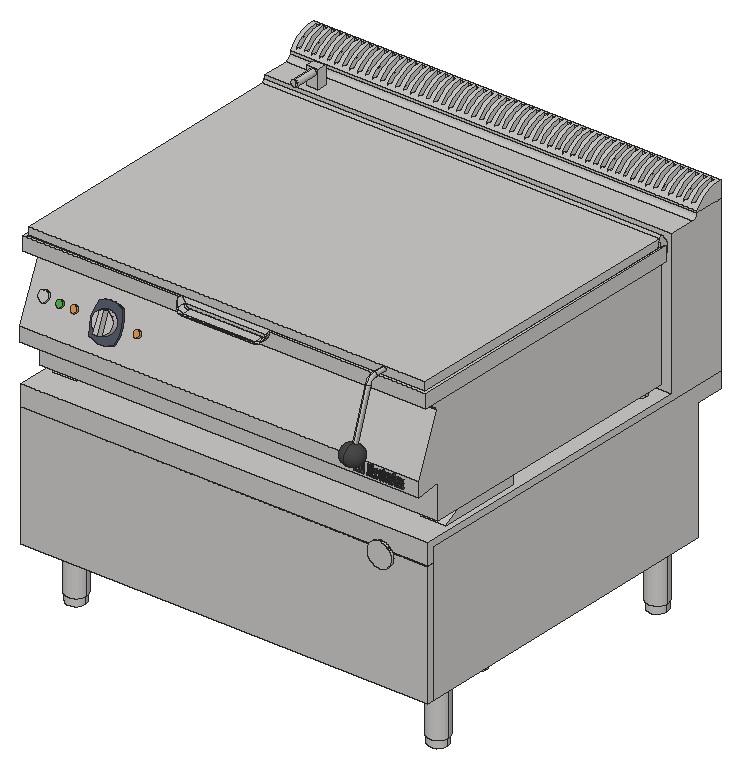
Revit family "QF_ELECTROLUXPROFESSIONAL_391286_E9BRGJDP4M", category Specialty Equipment, Revit 2018 (continued)
Lines and regions (mm)
  symbolic lines
    curve 201: line (664.29, -63.911, 0) -> (673.585, -63.911, 0)
    curve 202: line (673.585, -63.911, 0) -> (673.585, -6.761, 0)
    curve 203: line (673.585, -6.761, 0) -> (664.29, -6.761, 0)
    curve 204: line (664.29, -6.761, 0) -> (664.29, -63.911, 0)
    curve 205: line (682.982, -63.911, 0) -> (692.278, -63.911, 0)
    curve 206: line (692.278, -63.911, 0) -> (692.278, -6.761, 0)
    curve 207: line (692.278, -6.761, 0) -> (682.982, -6.761, 0)
    curve 208: line (682.982, -6.761, 0) -> (682.982, -63.911, 0)
    curve 209: line (701.675, -63.911, 0) -> (710.971, -63.911, 0)
    curve 210: line (710.971, -63.911, 0) -> (710.971, -6.761, 0)
    curve 211: line (710.971, -6.761, 0) -> (701.675, -6.761, 0)
    curve 212: line (701.675, -6.761, 0) -> (701.675, -63.911, 0)
    curve 213: line (720.367, -63.911, 0) -> (729.663, -63.911, 0)
    curve 214: line (729.663, -63.911, 0) -> (729.663, -6.761, 0)
    curve 215: line (729.663, -6.761, 0) -> (720.367, -6.761, 0)
    curve 216: line (720.367, -6.761, 0) -> (720.367, -63.911, 0)
    curve 217: line (739.06, -63.911, 0) -> (748.356, -63.911, 0)
    curve 218: line (748.356, -63.911, 0) -> (748.356, -6.761, 0)
    curve 219: line (748.356, -6.761, 0) -> (739.06, -6.761, 0)
    curve 220: line (739.06, -6.761, 0) -> (739.06, -63.911, 0)
    curve 221: line (757.753, -63.911, 0) -> (767.048, -63.911, 0)
    curve 222: line (767.048, -63.911, 0) -> (767.048, -6.761, 0)
    curve 223: line (767.048, -6.761, 0) -> (757.753, -6.761, 0)
    curve 224: line (757.753, -6.761, 0) -> (757.753, -63.911, 0)
    curve 225: line (775.037, -63.911, 0) -> (784.333, -63.911, 0)
    curve 226: line (784.333, -63.911, 0) -> (784.333, -6.761, 0)
    curve 227: line (784.333, -6.761, 0) -> (775.037, -6.761, 0)
    curve 228: line (775.037, -6.761, 0) -> (775.037, -63.911, 0)
    curve 229: line (793.73, -63.911, 0) -> (803.026, -63.911, 0)
    curve 230: line (803.026, -63.911, 0) -> (803.026, -6.761, 0)
    curve 231: line (803.026, -6.761, 0) -> (793.73, -6.761, 0)
    curve 232: line (793.73, -6.761, 0) -> (793.73, -63.911, 0)
    curve 233: line (812.423, -63.911, 0) -> (821.718, -63.911, 0)
    curve 234: line (821.718, -63.911, 0) -> (821.718, -6.761, 0)
    curve 235: line (821.718, -6.761, 0) -> (812.423, -6.761, 0)
    curve 236: line (812.423, -6.761, 0) -> (812.423, -63.911, 0)
    curve 237: line (831.115, -63.911, 0) -> (840.411, -63.911, 0)
    curve 238: line (840.411, -63.911, 0) -> (840.411, -6.761, 0)
    curve 239: line (840.411, -6.761, 0) -> (831.115, -6.761, 0)
    curve 240: line (831.115, -6.761, 0) -> (831.115, -63.911, 0)
    curve 241: line (849.808, -63.911, 0) -> (859.103, -63.911, 0)
    curve 242: line (859.103, -63.911, 0) -> (859.103, -6.761, 0)
    curve 243: line (859.103, -6.761, 0) -> (849.808, -6.761, 0)
    curve 244: line (849.808, -6.761, 0) -> (849.808, -63.911, 0)
    curve 245: line (868.5, -63.911, 0) -> (877.796, -63.911, 0)
    curve 246: line (877.796, -63.911, 0) -> (877.796, -6.761, 0)
    curve 247: line (877.796, -6.761, 0) -> (868.5, -6.761, 0)
    curve 248: line (868.5, -6.761, 0) -> (868.5, -63.911, 0)
    curve 249: line (887.193, -63.911, 0) -> (896.489, -63.911, 0)
    curve 250: line (896.489, -63.911, 0) -> (896.489, -6.761, 0)
    curve 251: line (896.489, -6.761, 0) -> (887.193, -6.761, 0)
    curve 252: line (887.193, -6.761, 0) -> (887.193, -63.911, 0)
    curve 253: line (905.886, -63.911, 0) -> (915.181, -63.911, 0)
    curve 254: line (915.181, -63.911, 0) -> (915.181, -6.761, 0)
    curve 255: line (915.181, -6.761, 0) -> (905.886, -6.761, 0)
    curve 256: line (905.886, -6.761, 0) -> (905.886, -63.911, 0)
    curve 257: line (924.578, -63.911, 0) -> (933.874, -63.911, 0)
    curve 258: line (933.874, -63.911, 0) -> (933.874, -6.761, 0)
    curve 259: line (933.874, -6.761, 0) -> (924.578, -6.761, 0)
    curve 260: line (924.578, -6.761, 0) -> (924.578, -63.911, 0)
    curve 261: line (943.271, -63.911, 0) -> (952.567, -63.911, 0)
    curve 262: line (952.567, -63.911, 0) -> (952.567, -6.761, 0)
    curve 263: line (952.567, -6.761, 0) -> (943.271, -6.761, 0)
    curve 264: line (943.271, -6.761, 0) -> (943.271, -63.911, 0)
    curve 265: line (961.963, -63.911, 0) -> (971.259, -63.911, 0)
    curve 266: line (971.259, -63.911, 0) -> (971.259, -6.761, 0)
    curve 267: line (971.259, -6.761, 0) -> (961.963, -6.761, 0)
    curve 268: line (961.963, -6.761, 0) -> (961.963, -63.911, 0)
    curve 269: line (980.656, -63.911, 0) -> (989.952, -63.911, 0)
    curve 270: line (989.952, -63.911, 0) -> (989.952, -6.761, 0)
    curve 271: line (989.952, -6.761, 0) -> (980.656, -6.761, 0)
    curve 272: line (980.656, -6.761, 0) -> (980.656, -63.911, 0)
  symbolic lines, style "QF_Clearances", visible <- "Show Clearance", detail levels coarse
    curve 17: line (-50, 50, 150) -> (-50, -918.182, 150)
    curve 18: line (1050, 50, 150) -> (1050, -915, 150)
    curve 19: line (1050, 50, 150) -> (-50, 50, 150)
Dimensions and locks
  equal spacing: plane 3 "LEFT", plane 7 "Center Y", plane 4 "RIGHT"
  plane 3 "LEFT" to plane 4 "RIGHT" = 1000 mm
  equal spacing: plane 5 "FRONT", plane 8 "Center X", plane 1 "BACK"
  plane 5 "FRONT" to plane 1 "BACK" = 915 mm  (x2)
  plane 20 to level = 850 mm
  plane 9 "Base" to level = 149 mm
  plane 11 to level = 1653 mm
  plane 11 to plane 2 = 1653 mm
  plane 9 "Base" to plane 2 = 149 mm
  plane 13 to plane 12 = 674 mm
  plane 6 "TOP" to plane 2 = 908 mm
  plane 4 "RIGHT" to plane 16 to plane 14 to plane 3 "LEFT" = 55 mm, 890 mm, 55 mm
  plane 1 "BACK" to plane 17 = 1014 mm
  Extrusion 12 to plane 1 "BACK" = 69 mm
  Extrusion 6 to plane 9 "Base" = 701 mm
  plane 2 to Extrusion 12 = 448 mm
  Extrusion 3 to plane 13 = 100.182 mm
  plane 12 to Extrusion 12 = 56 mm
  plane 4 "RIGHT" to plane 19 = 14 mm
  plane 20 to plane 9 "Base" to level = 701 mm, 149 mm
  plane 1 "BACK" to Extrusion 12 = 69 mm
  Extrusion 12 to plane 12 = 56 mm
  plane 12 to plane 13 = 674 mm
  plane 13 to Extrusion 3 = 100.182 mm
  Extrusion 12 to level = 448 mm
  plane 6 "TOP" to level = 908 mm
  plane 21 "Connection" to level = 182 mm
  plane 1 "BACK" to plane 22 = 706 mm
  plane 3 "LEFT" to Extrusion 17 sketch curve = 105 mm
  Extrusion 18 sketch curve to plane 1 "BACK" = 698 mm
  plane 3 "LEFT" to Extrusion 18 sketch curve = 195 mm
  Extrusion 18 to plane 1 "BACK" = 698 mm
  plane 3 "LEFT" to Extrusion 19 sketch curve = 265 mm
  plane 3 "LEFT" to plane 24 = 105 mm
  plane 3 "LEFT" to plane 25 = 195 mm
  plane 3 "LEFT" to plane 23 = 265 mm
  Extrusion 3 to Extrusion 15 = 181 mm
  Extrusion 15 to Extrusion 3 = 181 mm
  aligned and locked: level to plane 2
  aligned and locked: Extrusion 12 to plane 3 "LEFT"
Automatic sketch dimensions
  Revolve 1 sketch curve to plane 9 "Base" = 0 mm  (x2)
  Revolve 1 sketch curve to level = 0 mm
  Revolve 1 sketch curve to plane 14 = 0 mm  (x2)
  Revolve 1 sketch curve to Revolve 1 sketch curve = 22.9 mm
  Revolve 1 sketch curve to Revolve 1 sketch curve = 2.5 mm
  level to Revolve 1 sketch curve = 19.05 mm
  Revolve 1 sketch curve to plane 21 "Connection" = 13 mm
  Revolve 2 sketch curve to plane 9 "Base" = 0 mm  (x2)
  Revolve 2 sketch curve to level = 0 mm
  Revolve 2 sketch curve to plane 14 = 0 mm  (x2)
  Revolve 2 sketch curve to Revolve 2 sketch curve = 22.9 mm
  Revolve 2 sketch curve to Revolve 2 sketch curve = 2.5 mm
  level to Revolve 2 sketch curve = 19.05 mm
  Revolve 2 sketch curve to plane 21 "Connection" = 13 mm
  Extrusion 7 sketch curve to plane 10 = 0 mm
  Extrusion 7 sketch curve to plane 13 = 25.484 mm
  plane 13 to Extrusion 7 sketch curve = 28.261 mm
  plane 22 to Extrusion 7 sketch curve = 87.5 mm
  plane 10 to Extrusion 7 sketch curve = 26.213 mm
  Extrusion 8 sketch curve to plane 16 = 8.429 mm
  Extrusion 8 sketch curve to plane 14 = 8.429 mm
  Extrusion 8 sketch curve to plane 12 = 64.686 mm  (x2)
  Extrusion 9 sketch curve to plane 6 "TOP" = 10 mm
  Extrusion 9 sketch curve to plane 12 = 7.127 mm
  plane 12 to Extrusion 9 sketch curve = 16.931 mm
  plane 20 to Extrusion 9 sketch curve = 3.88 mm
  Revolve 10 sketch curve to plane 6 "TOP" = 19.903 mm
  Revolve 10 sketch curve to plane 12 = 63.311 mm
  Revolve 10 sketch curve to plane 12 = 7.127 mm
  Revolve 10 sketch curve to Revolve 10 sketch curve = 0 mm  (x2)
  plane 12 to Revolve 10 sketch curve = 1.394 mm
  Revolve 10 sketch curve to plane 6 "TOP" = 11.778 mm
  Revolve 13 sketch curve to plane 9 "Base" = 0 mm  (x2)
  Revolve 13 sketch curve to level = 0 mm
  plane 16 to Revolve 13 sketch curve = 0 mm  (x2)
  Revolve 13 sketch curve to plane 19 = 18.1 mm
  Revolve 13 sketch curve to Revolve 13 sketch curve = 2.5 mm
  Revolve 13 sketch curve to plane 21 "Connection" = 13 mm
  level to Revolve 13 sketch curve = 19.05 mm
  Revolve 14 sketch curve to plane 9 "Base" = 0 mm  (x2)
  Revolve 14 sketch curve to level = 0 mm
  plane 16 to Revolve 14 sketch curve = 0 mm  (x2)
  Revolve 14 sketch curve to plane 19 = 18.1 mm
  Revolve 14 sketch curve to Revolve 14 sketch curve = 2.5 mm
  Revolve 14 sketch curve to plane 21 "Connection" = 13 mm
  level to Revolve 14 sketch curve = 19.05 mm
  Extrusion 20 sketch curve to plane 24 = 17.623 mm
  plane 24 to Extrusion 21 sketch curve = 17.681 mm
  Extrusion 22 sketch curve to plane 25 = 7.917 mm
  Extrusion 23 sketch curve to Extrusion 23 sketch curve = 24.732 mm
  Extrusion 23 sketch curve to Extrusion 23 sketch curve = 0 mm
  Extrusion 24 sketch curve to plane 14 = 7.427 mm
  Extrusion 25 sketch curve to plane 23 = 12.623 mm
  plane 10 to Extrusion 28 sketch curve = 0 mm
  Extrusion 28 sketch curve to plane 13 = 25.484 mm
  plane 13 to Extrusion 28 sketch curve = 28.261 mm
  plane 22 to Extrusion 28 sketch curve = 87.5 mm
  plane 10 to Extrusion 28 sketch curve = 26.213 mm
  plane 17 to Revolve 30 sketch curve = 18.604 mm
  Revolve 30 sketch curve to Revolve 30 sketch curve = 0 mm  (x4)
  plane 17 to Revolve 30 sketch curve = 22.834 mm
  Revolve 30 sketch curve to Revolve 30 sketch curve = 3.746 mm
  Revolve 30 sketch curve to Revolve 30 sketch curve = 7.415 mm
  plane 10 to Revolve 30 sketch curve = 172.444 mm
  Revolve 30 sketch curve to Revolve 30 sketch curve = 22.45 mm
  Extrusion 31 sketch curve to plane 11 = 87.075 mm
  plane 8 "Center X" to Extrusion 31 sketch curve = 110.667 mm
  Extrusion 31 sketch curve to Extrusion 31 sketch curve = 694.86 mm
  Extrusion 31 sketch curve to Extrusion 31 sketch curve = 15.993 mm
  Extrusion 31 sketch curve to Extrusion 31 sketch curve = 5.354 mm
  Extrusion 31 sketch curve to Extrusion 31 sketch curve = 3.503 mm
  Extrusion 31 sketch curve to Extrusion 31 sketch curve = 12.189 mm
  Extrusion 31 sketch curve to Extrusion 31 sketch curve = 3.348 mm
  Extrusion 31 sketch curve to Extrusion 31 sketch curve = 18.4 mm  (x2)
  Extrusion 31 sketch curve to Extrusion 31 sketch curve = 2.697 mm
  Extrusion 31 sketch curve to Extrusion 31 sketch curve = 14.057 mm
  Extrusion 31 sketch curve to Extrusion 31 sketch curve = 4.418 mm
  Extrusion 31 sketch curve to Extrusion 31 sketch curve = 11 mm
  Extrusion 31 sketch curve to Extrusion 31 sketch curve = 6.539 mm
  Sweep 32 sketch curve to plane 8 "Center X" = 20.462 mm
  Sweep 32 sketch curve to plane 11 = 28.458 mm
  Sweep 32 sketch curve to Sweep 32 sketch curve = 41.037 mm
  Sweep 32 sketch curve to Sweep 32 sketch curve = 18.794 mm
  Sweep 32 sketch curve to Sweep 32 sketch curve = 28.354 mm
  Sweep 32 sketch curve to Sweep 32 sketch curve = 105.908 mm
  Sweep 32 sketch curve to Sweep 32 sketch curve = 6.84 mm
  Sweep 32 sketch curve to profile plane = 0 mm
  profile plane to Sweep 32 sketch curve = 676.16 mm
  Revolve 33 sketch curve to plane 11 = 23.591 mm
  Revolve 33 sketch curve to plane 8 "Center X" = 65.198 mm
  Revolve 33 sketch curve to Revolve 33 sketch curve = 0 mm  (x4)
  Revolve 33 sketch curve to Revolve 33 sketch curve = 4.229 mm
  Revolve 33 sketch curve to Revolve 33 sketch curve = 3.746 mm
  Revolve 33 sketch curve to Revolve 33 sketch curve = 7.415 mm
  Revolve 33 sketch curve to Revolve 33 sketch curve = 22.45 mm
  plane 25 to Extrusion 34 sketch curve = 22.344 mm
  plane 23 to Extrusion 34 sketch curve = 31.059 mm
  Extrusion 34 sketch curve to Extrusion 34 sketch curve = 0 mm
  Extrusion 34 sketch curve to plane 25 = 8.324 mm
  Extrusion 34 sketch curve to Extrusion 34 sketch curve = 12.3 mm  (x2)
  plane 23 to Extrusion 34 sketch curve = 7.4 mm
  Extrusion 34 sketch curve to Extrusion 34 sketch curve = 34.925 mm  (x2)
  Extrusion 34 sketch curve to Extrusion 34 sketch curve = 50.015 mm
  plane 25 to Extrusion 34 sketch curve = 20.225 mm
  Extrusion 36 sketch curve to Extrusion 36 sketch curve = 7.323 mm
  Extrusion 36 sketch curve to Extrusion 36 sketch curve = 14.203 mm
  Extrusion 36 sketch curve to Extrusion 36 sketch curve = 14.214 mm
  Extrusion 36 sketch curve to plane 20 = 19.693 mm
  Extrusion 36 sketch curve to plane 20 = 19.699 mm
  Extrusion 36 sketch curve to Extrusion 36 sketch curve = 4.465 mm
  Extrusion 36 sketch curve to Extrusion 36 sketch curve = 4.485 mm
  Extrusion 36 sketch curve to Extrusion 36 sketch curve = 12.672 mm
  Extrusion 36 sketch curve to Extrusion 36 sketch curve = 21.263 mm
  plane 7 "Center Y" to Extrusion 36 sketch curve = 110.002 mm
  Extrusion 36 sketch curve to plane 7 "Center Y" = 88.472 mm
  Extrusion 36 sketch curve to Extrusion 36 sketch curve = 7.316 mm
  Extrusion 26 sketch curve to Extrusion 26 sketch curve = 0 mm  (x4)
  Extrusion 26 sketch curve to plane 20 = 26.099 mm
  Extrusion 26 sketch curve to plane 7 "Center Y" = 110.002 mm
  Extrusion 26 sketch curve to Extrusion 26 sketch curve = 4.545 mm
  Extrusion 26 sketch curve to plane 20 = 32.371 mm
  Extrusion 26 sketch curve to Extrusion 26 sketch curve = 2.771 mm  (x2)
  Extrusion 26 sketch curve to Extrusion 26 sketch curve = 14.214 mm
  plane 7 "Center Y" to Extrusion 26 sketch curve = 88.476 mm
  Extrusion 26 sketch curve to Extrusion 26 sketch curve = 14.203 mm
  Extrusion 26 sketch curve to plane 20 = 33.978 mm
  Extrusion 26 sketch curve to Extrusion 26 sketch curve = 4.548 mm
  Extrusion 26 sketch curve to Extrusion 26 sketch curve = 8.206 mm
  Extrusion 26 sketch curve to Extrusion 26 sketch curve = 7.878 mm
  Extrusion 26 sketch curve to Extrusion 26 sketch curve = 6.4 mm  (x2)
  Extrusion 26 sketch curve to Extrusion 26 sketch curve = 3.2 mm
  Extrusion 35 sketch curve to Extrusion 35 sketch curve = 0 mm  (x28)
  plane 16 to Extrusion 35 sketch curve = 36.031 mm
  plane 10 to Extrusion 35 sketch curve = 104.853 mm
  Extrusion 35 sketch curve to Extrusion 35 sketch curve = 3.509 mm  (x2)
  Extrusion 35 sketch curve to plane 16 = 4.633 mm
  Extrusion 35 sketch curve to Extrusion 35 sketch curve = 2.459 mm  (x3)
  plane 16 to Extrusion 35 sketch curve = 0.399 mm
  plane 16 to Extrusion 35 sketch curve = 3.14 mm
  plane 16 to Extrusion 35 sketch curve = 9.143 mm
  Extrusion 35 sketch curve to Extrusion 35 sketch curve = 5.968 mm
  Extrusion 35 sketch curve to Extrusion 35 sketch curve = 0.918 mm  (x4)
  Extrusion 35 sketch curve to Extrusion 35 sketch curve = 0.949 mm  (x2)
  Extrusion 35 sketch curve to Extrusion 35 sketch curve = 1.035 mm
  Extrusion 35 sketch curve to Extrusion 35 sketch curve = 1.047 mm
  Extrusion 35 sketch curve to Extrusion 35 sketch curve = 3.513 mm  (x2)
  plane 16 to Extrusion 35 sketch curve = 41.887 mm
  Extrusion 35 sketch curve to Extrusion 35 sketch curve = 0.045 mm  (x2)
  plane 16 to Extrusion 35 sketch curve = 34.554 mm
  Extrusion 35 sketch curve to Extrusion 35 sketch curve = 0.277 mm
  Extrusion 35 sketch curve to Extrusion 35 sketch curve = 0.3 mm  (x2)
  Extrusion 35 sketch curve to Extrusion 35 sketch curve = 0.004 mm  (x3)
  Extrusion 35 sketch curve to Extrusion 35 sketch curve = 0.636 mm
  Extrusion 35 sketch curve to Extrusion 35 sketch curve = 0.02 mm  (x3)
  plane 16 to Extrusion 35 sketch curve = 41.125 mm
  Extrusion 35 sketch curve to Extrusion 35 sketch curve = 0.479 mm  (x2)
  plane 16 to Extrusion 35 sketch curve = 33.791 mm
  Extrusion 35 sketch curve to Extrusion 35 sketch curve = 1.645 mm
  Extrusion 35 sketch curve to Extrusion 35 sketch curve = 1.672 mm
  plane 16 to Extrusion 35 sketch curve = 9.181 mm
  Extrusion 35 sketch curve to Extrusion 35 sketch curve = 1.71 mm
  Extrusion 35 sketch curve to Extrusion 35 sketch curve = 0.447 mm  (x2)
  Extrusion 35 sketch curve to Extrusion 35 sketch curve = 0.343 mm
  Extrusion 35 sketch curve to Extrusion 35 sketch curve = 0.246 mm
  Extrusion 35 sketch curve to Extrusion 35 sketch curve = 0.124 mm  (x2)
  Extrusion 35 sketch curve to Extrusion 35 sketch curve = 1.995 mm
  plane 16 to Extrusion 35 sketch curve = 1.32 mm
  Extrusion 35 sketch curve to Extrusion 35 sketch curve = 0.996 mm  (x2)
  Extrusion 35 sketch curve to Extrusion 35 sketch curve = 0.509 mm
  Extrusion 35 sketch curve to Extrusion 35 sketch curve = 2.427 mm  (x2)
  Extrusion 35 sketch curve to Extrusion 35 sketch curve = 0.616 mm  (x2)
  Extrusion 35 sketch curve to Extrusion 35 sketch curve = 0.017 mm  (x2)
  Extrusion 35 sketch curve to Extrusion 35 sketch curve = 0.926 mm
  Extrusion 35 sketch curve to Extrusion 35 sketch curve = 0.911 mm
  Extrusion 35 sketch curve to Extrusion 35 sketch curve = 1.839 mm
  Extrusion 35 sketch curve to Extrusion 35 sketch curve = 0.306 mm  (x2)
  Extrusion 35 sketch curve to Extrusion 35 sketch curve = 0.917 mm  (x3)
  Extrusion 35 sketch curve to Extrusion 35 sketch curve = 0.159 mm  (x2)
  plane 16 to Extrusion 35 sketch curve = 1.769 mm
  Extrusion 35 sketch curve to Extrusion 35 sketch curve = 1.342 mm
  Extrusion 35 sketch curve to Extrusion 35 sketch curve = 0.187 mm  (x2)
  Extrusion 35 sketch curve to Extrusion 35 sketch curve = 0.679 mm  (x2)
  Extrusion 35 sketch curve to Extrusion 35 sketch curve = 0.67 mm
  Extrusion 35 sketch curve to Extrusion 35 sketch curve = 0.002 mm
  Extrusion 35 sketch curve to Extrusion 35 sketch curve = 0.007 mm  (x3)
  Extrusion 35 sketch curve to Extrusion 35 sketch curve = 0.383 mm  (x4)
  plane 16 to Extrusion 35 sketch curve = 31.86 mm
  plane 16 to Extrusion 35 sketch curve = 39.193 mm
  Extrusion 35 sketch curve to Extrusion 35 sketch curve = 0.075 mm  (x2)
  Extrusion 35 sketch curve to Extrusion 35 sketch curve = 0.677 mm  (x2)
  Extrusion 35 sketch curve to Extrusion 35 sketch curve = 0.957 mm
  Extrusion 35 sketch curve to Extrusion 35 sketch curve = 1.024 mm
  Extrusion 35 sketch curve to Extrusion 35 sketch curve = 0.328 mm  (x2)
  plane 16 to Extrusion 35 sketch curve = 31.143 mm
  Extrusion 35 sketch curve to Extrusion 35 sketch curve = 0.492 mm  (x2)
  plane 16 to Extrusion 35 sketch curve = 38.476 mm
  plane 16 to Extrusion 35 sketch curve = 1.799 mm
  Extrusion 35 sketch curve to Extrusion 35 sketch curve = 1.815 mm
  Extrusion 35 sketch curve to Extrusion 35 sketch curve = 3.936 mm
  plane 16 to Extrusion 35 sketch curve = 11.401 mm
  Extrusion 35 sketch curve to Extrusion 35 sketch curve = 1.802 mm
  Extrusion 35 sketch curve to Extrusion 35 sketch curve = 0.781 mm
  plane 16 to Extrusion 35 sketch curve = 23.717 mm  (x4)
  Extrusion 35 sketch curve to Extrusion 35 sketch curve = 4.769 mm
  plane 16 to Extrusion 35 sketch curve = 48.012 mm  (x4)
  Extrusion 35 sketch curve to Extrusion 35 sketch curve = 4.78 mm
  plane 16 to Extrusion 35 sketch curve = 7.789 mm
  Extrusion 35 sketch curve to Extrusion 35 sketch curve = 4.809 mm
  plane 16 to Extrusion 35 sketch curve = 59.783 mm
  Extrusion 35 sketch curve to Extrusion 35 sketch curve = 4.821 mm
  plane 16 to Extrusion 35 sketch curve = 37.77 mm
  Extrusion 35 sketch curve to Extrusion 35 sketch curve = 5.852 mm
  Extrusion 35 sketch curve to plane 16 = 5.755 mm
  Extrusion 35 sketch curve to Extrusion 35 sketch curve = 5.071 mm  (x3)
  Extrusion 35 sketch curve to plane 16 = 0.598 mm
  Extrusion 35 sketch curve to Extrusion 35 sketch curve = 0.003 mm  (x2)
  plane 16 to Extrusion 35 sketch curve = 38.791 mm
  Extrusion 35 sketch curve to Extrusion 35 sketch curve = 0.046 mm
  Extrusion 35 sketch curve to Extrusion 35 sketch curve = 0.068 mm
  Extrusion 35 sketch curve to Extrusion 35 sketch curve = 10.348 mm
  plane 16 to Extrusion 35 sketch curve = 43.925 mm  (x2)
  Extrusion 35 sketch curve to Extrusion 35 sketch curve = 1.761 mm
  plane 16 to Extrusion 35 sketch curve = 55.493 mm
  Extrusion 35 sketch curve to Extrusion 35 sketch curve = 1.821 mm
  plane 16 to Extrusion 35 sketch curve = 59.702 mm
  Extrusion 35 sketch curve to Extrusion 35 sketch curve = 2.064 mm  (x2)
  Extrusion 35 sketch curve to Extrusion 35 sketch curve = 2.196 mm  (x3)
  Extrusion 35 sketch curve to Extrusion 35 sketch curve = 2.206 mm  (x2)
  plane 16 to Extrusion 35 sketch curve = 7.77 mm
  Extrusion 35 sketch curve to Extrusion 35 sketch curve = 2.216 mm
  Extrusion 35 sketch curve to Extrusion 35 sketch curve = 0.588 mm
  Extrusion 35 sketch curve to Extrusion 35 sketch curve = 0.037 mm
  Extrusion 35 sketch curve to Extrusion 35 sketch curve = 0.109 mm
  plane 16 to Extrusion 35 sketch curve = 37.761 mm
  Extrusion 35 sketch curve to Extrusion 35 sketch curve = 2.272 mm  (x2)
  plane 16 to Extrusion 35 sketch curve = 0.253 mm
  Extrusion 35 sketch curve to Extrusion 35 sketch curve = 2.435 mm
  Extrusion 35 sketch curve to Extrusion 35 sketch curve = 1.25 mm
  plane 16 to Extrusion 35 sketch curve = 56.95 mm
  Extrusion 35 sketch curve to Extrusion 35 sketch curve = 1.417 mm
  plane 16 to Extrusion 35 sketch curve = 45.422 mm  (x2)
  Extrusion 35 sketch curve to Extrusion 35 sketch curve = 1.558 mm  (x2)
  Extrusion 35 sketch curve to plane 16 = 6.031 mm
  Extrusion 35 sketch curve to Extrusion 35 sketch curve = 3.247 mm
  Extrusion 35 sketch curve to plane 16 = 3.176 mm  (x2)
  Extrusion 35 sketch curve to Extrusion 35 sketch curve = 0.339 mm
  Extrusion 35 sketch curve to Extrusion 35 sketch curve = 4.029 mm
  plane 16 to Extrusion 35 sketch curve = 3.116 mm
  Extrusion 35 sketch curve to Extrusion 35 sketch curve = 1.655 mm
  plane 16 to Extrusion 35 sketch curve = 9.985 mm
  Extrusion 35 sketch curve to Extrusion 35 sketch curve = 0.201 mm
  plane 16 to Extrusion 35 sketch curve = 42.42 mm
  Extrusion 35 sketch curve to Extrusion 35 sketch curve = 2.769 mm
  Extrusion 35 sketch curve to Extrusion 35 sketch curve = 0.162 mm
  Extrusion 35 sketch curve to Extrusion 35 sketch curve = 0.137 mm
  Extrusion 35 sketch curve to Extrusion 35 sketch curve = 2.101 mm
  Extrusion 35 sketch curve to Extrusion 35 sketch curve = 0.103 mm  (x2)
  Extrusion 35 sketch curve to Extrusion 35 sketch curve = 2.671 mm
  plane 16 to Extrusion 35 sketch curve = 65.227 mm
  Extrusion 35 sketch curve to Extrusion 35 sketch curve = 0.566 mm
  plane 16 to Extrusion 35 sketch curve = 29.258 mm
  Extrusion 35 sketch curve to Extrusion 35 sketch curve = 3.183 mm  (x2)
  plane 16 to Extrusion 35 sketch curve = 18.177 mm
  Extrusion 35 sketch curve to Extrusion 35 sketch curve = 5.077 mm
  plane 16 to Extrusion 35 sketch curve = 26.859 mm
  plane 16 to Extrusion 35 sketch curve = 20.575 mm
  plane 16 to Extrusion 35 sketch curve = 53.557 mm
  Extrusion 35 sketch curve to Extrusion 35 sketch curve = 0.627 mm
  plane 16 to Extrusion 35 sketch curve = 51.149 mm
  plane 16 to Extrusion 35 sketch curve = 33.375 mm  (x2)
  Extrusion 35 sketch curve to Extrusion 35 sketch curve = 0.262 mm
  Extrusion 35 sketch curve to plane 16 = 1.847 mm
  Extrusion 35 sketch curve to Extrusion 35 sketch curve = 1.773 mm
  Extrusion 35 sketch curve to plane 16 = 4.507 mm
  Extrusion 35 sketch curve to Extrusion 35 sketch curve = 1.793 mm
  Extrusion 35 sketch curve to Extrusion 35 sketch curve = 1.788 mm
  plane 16 to Extrusion 35 sketch curve = 57.274 mm
  Extrusion 35 sketch curve to Extrusion 35 sketch curve = 1.7 mm
  Extrusion 35 sketch curve to Extrusion 35 sketch curve = 1.733 mm
  Extrusion 35 sketch curve to Extrusion 35 sketch curve = 4.169 mm
  Extrusion 35 sketch curve to Extrusion 35 sketch curve = 1.242 mm
  Extrusion 35 sketch curve to Extrusion 35 sketch curve = 2.572 mm  (x2)
  Extrusion 35 sketch curve to plane 16 = 6.394 mm
  Extrusion 35 sketch curve to Extrusion 35 sketch curve = 2.881 mm
  Extrusion 35 sketch curve to Extrusion 35 sketch curve = 3.582 mm
  plane 16 to Extrusion 35 sketch curve = 30.635 mm
  Extrusion 35 sketch curve to Extrusion 35 sketch curve = 0.101 mm
  plane 16 to Extrusion 35 sketch curve = 0.157 mm
  Extrusion 35 sketch curve to Extrusion 35 sketch curve = 2.74 mm
  Extrusion 35 sketch curve to Extrusion 35 sketch curve = 1.113 mm
  plane 16 to Extrusion 35 sketch curve = 59.844 mm  (x2)
  Extrusion 35 sketch curve to Extrusion 35 sketch curve = 2.226 mm
  Extrusion 35 sketch curve to Extrusion 35 sketch curve = 2.28 mm
  Extrusion 35 sketch curve to Extrusion 35 sketch curve = 0.585 mm
  plane 16 to Extrusion 35 sketch curve = 1.659 mm
  Extrusion 35 sketch curve to Extrusion 35 sketch curve = 2.054 mm
  Extrusion 35 sketch curve to plane 16 = 8.011 mm
  Extrusion 35 sketch curve to Extrusion 35 sketch curve = 2.203 mm
  Extrusion 35 sketch curve to Extrusion 35 sketch curve = 1.51 mm
  Extrusion 35 sketch curve to Extrusion 35 sketch curve = 5.923 mm
  plane 16 to Extrusion 35 sketch curve = 29.628 mm
  Extrusion 35 sketch curve to Extrusion 35 sketch curve = 2.337 mm
  Extrusion 35 sketch curve to Extrusion 35 sketch curve = 1.561 mm
  Extrusion 35 sketch curve to Extrusion 35 sketch curve = 3.319 mm
  Extrusion 35 sketch curve to Extrusion 35 sketch curve = 0.191 mm
  Extrusion 35 sketch curve to Extrusion 35 sketch curve = 2.274 mm
  Extrusion 35 sketch curve to Extrusion 35 sketch curve = 3.888 mm  (x2)
  Extrusion 35 sketch curve to Extrusion 35 sketch curve = 0.986 mm
  Extrusion 35 sketch curve to Extrusion 35 sketch curve = 2.599 mm
  Extrusion 35 sketch curve to Extrusion 35 sketch curve = 2.865 mm
  Extrusion 35 sketch curve to Extrusion 35 sketch curve = 0.998 mm  (x6)
  Extrusion 35 sketch curve to Extrusion 35 sketch curve = 1.022 mm
  Extrusion 35 sketch curve to plane 16 = 0.96 mm
  Extrusion 35 sketch curve to plane 16 = 0.674 mm
  plane 16 to Extrusion 35 sketch curve = 0.872 mm
  plane 16 to Extrusion 35 sketch curve = 2.001 mm
  Extrusion 35 sketch curve to Extrusion 35 sketch curve = 0.9 mm
  Extrusion 35 sketch curve to Extrusion 35 sketch curve = 0.448 mm
  Extrusion 35 sketch curve to Extrusion 35 sketch curve = 1.072 mm
  Extrusion 35 sketch curve to Extrusion 35 sketch curve = 2.437 mm
  Extrusion 35 sketch curve to Extrusion 35 sketch curve = 1.008 mm
  Extrusion 35 sketch curve to Extrusion 35 sketch curve = 2.221 mm
  Extrusion 35 sketch curve to Extrusion 35 sketch curve = 0.971 mm
  Extrusion 35 sketch curve to Extrusion 35 sketch curve = 2.438 mm
  Extrusion 35 sketch curve to Extrusion 35 sketch curve = 1.849 mm
  Extrusion 35 sketch curve to Extrusion 35 sketch curve = 2.419 mm
  Extrusion 35 sketch curve to Extrusion 35 sketch curve = 6.696 mm  (x2)
  Extrusion 35 sketch curve to Extrusion 35 sketch curve = 5.345 mm
  Extrusion 35 sketch curve to Extrusion 35 sketch curve = 0.421 mm  (x2)
  Extrusion 35 sketch curve to Extrusion 35 sketch curve = 0.078 mm  (x2)
  Extrusion 35 sketch curve to Extrusion 35 sketch curve = 0.133 mm  (x2)
  Extrusion 35 sketch curve to Extrusion 35 sketch curve = 0.006 mm  (x2)
  Extrusion 35 sketch curve to Extrusion 35 sketch curve = 0.23 mm  (x2)
  Extrusion 35 sketch curve to Extrusion 35 sketch curve = 0.065 mm  (x2)
  Extrusion 35 sketch curve to Extrusion 35 sketch curve = 0.279 mm  (x2)
  Extrusion 35 sketch curve to Extrusion 35 sketch curve = 0.251 mm  (x2)
  Extrusion 35 sketch curve to Extrusion 35 sketch curve = 0.134 mm  (x2)
  Extrusion 35 sketch curve to Extrusion 35 sketch curve = 0.009 mm  (x2)
  Extrusion 35 sketch curve to Extrusion 35 sketch curve = 0.164 mm  (x2)
  Extrusion 35 sketch curve to Extrusion 35 sketch curve = 0.077 mm  (x2)
  Extrusion 35 sketch curve to Extrusion 35 sketch curve = 0.866 mm  (x2)
  Extrusion 35 sketch curve to Extrusion 35 sketch curve = 2.398 mm
  Extrusion 35 sketch curve to Extrusion 35 sketch curve = 2.034 mm
  Extrusion 35 sketch curve to Extrusion 35 sketch curve = 2.418 mm
  Extrusion 35 sketch curve to Extrusion 35 sketch curve = 1.355 mm
  Extrusion 35 sketch curve to Extrusion 35 sketch curve = 3.835 mm
  Extrusion 35 sketch curve to Extrusion 35 sketch curve = 0.047 mm  (x2)
  Extrusion 35 sketch curve to Extrusion 35 sketch curve = 0.135 mm
  Extrusion 35 sketch curve to Extrusion 35 sketch curve = 0.977 mm
  Extrusion 35 sketch curve to Extrusion 35 sketch curve = 0.409 mm
  Extrusion 35 sketch curve to Extrusion 35 sketch curve = 4.118 mm
  Extrusion 35 sketch curve to Extrusion 35 sketch curve = 0.175 mm
  Extrusion 35 sketch curve to Extrusion 35 sketch curve = 1.289 mm
  Extrusion 35 sketch curve to Extrusion 35 sketch curve = 1.827 mm
  Extrusion 35 sketch curve to Extrusion 35 sketch curve = 2.51 mm
  Extrusion 35 sketch curve to Extrusion 35 sketch curve = 0.061 mm
  Extrusion 35 sketch curve to Extrusion 35 sketch curve = 6.931 mm
  Extrusion 35 sketch curve to Extrusion 35 sketch curve = 6.197 mm
  Extrusion 35 sketch curve to Extrusion 35 sketch curve = 2.417 mm
  Extrusion 35 sketch curve to Extrusion 35 sketch curve = 1.133 mm
  Extrusion 35 sketch curve to Extrusion 35 sketch curve = 0.032 mm
  Extrusion 35 sketch curve to Extrusion 35 sketch curve = 0.82 mm
  Extrusion 35 sketch curve to Extrusion 35 sketch curve = 1.717 mm
  Extrusion 35 sketch curve to Extrusion 35 sketch curve = 0.161 mm
  Extrusion 35 sketch curve to Extrusion 35 sketch curve = 1.885 mm
  Extrusion 35 sketch curve to Extrusion 35 sketch curve = 2.261 mm
  Extrusion 35 sketch curve to Extrusion 35 sketch curve = 1.718 mm
  Extrusion 35 sketch curve to Extrusion 35 sketch curve = 0.886 mm
  Extrusion 35 sketch curve to Extrusion 35 sketch curve = 4.451 mm
  Extrusion 35 sketch curve to Extrusion 35 sketch curve = 1.997 mm
  Extrusion 35 sketch curve to Extrusion 35 sketch curve = 0.001 mm
  Extrusion 35 sketch curve to Extrusion 35 sketch curve = 5.646 mm
  Extrusion 35 sketch curve to Extrusion 35 sketch curve = 0.067 mm
  Extrusion 35 sketch curve to Extrusion 35 sketch curve = 0.04 mm
  Extrusion 35 sketch curve to Extrusion 35 sketch curve = 0.939 mm
  Extrusion 35 sketch curve to Extrusion 35 sketch curve = 0.873 mm
  Extrusion 35 sketch curve to Extrusion 35 sketch curve = 2.416 mm
  Extrusion 35 sketch curve to Extrusion 35 sketch curve = 9.714 mm
  Extrusion 35 sketch curve to Extrusion 35 sketch curve = 8.795 mm
  Extrusion 35 sketch curve to Extrusion 35 sketch curve = 1.097 mm  (x2)
  Extrusion 35 sketch curve to Extrusion 35 sketch curve = 1.972 mm
  Extrusion 35 sketch curve to Extrusion 35 sketch curve = 0.238 mm
  Extrusion 35 sketch curve to Extrusion 35 sketch curve = 3.568 mm
  Extrusion 35 sketch curve to Extrusion 35 sketch curve = 3.898 mm
  Extrusion 35 sketch curve to Extrusion 35 sketch curve = 0.915 mm  (x2)
  Extrusion 35 sketch curve to Extrusion 35 sketch curve = 0.408 mm  (x2)
  Extrusion 35 sketch curve to Extrusion 35 sketch curve = 0.453 mm  (x2)
  Extrusion 35 sketch curve to Extrusion 35 sketch curve = 0.239 mm  (x2)
  Extrusion 35 sketch curve to Extrusion 35 sketch curve = 0.266 mm  (x2)
  Extrusion 35 sketch curve to Extrusion 35 sketch curve = 0.148 mm  (x2)
  Extrusion 35 sketch curve to Extrusion 35 sketch curve = 0.764 mm  (x2)
  Extrusion 35 sketch curve to Extrusion 35 sketch curve = 0.041 mm  (x2)
  Extrusion 35 sketch curve to Extrusion 35 sketch curve = 1.266 mm  (x2)
  plane 26 "FUME" to Extrusion 38 sketch curve = 0 mm
  Extrusion 38 sketch curve to plane 1 "BACK" = 0 mm
  plane 1 "BACK" to Extrusion 38 sketch curve = 1.769 mm
  Extrusion 38 sketch curve to plane 26 "FUME" = 5.044 mm
  plane 12 to Extrusion 38 sketch curve = 53.372 mm
  Extrusion 38 sketch curve to plane 20 = 26.875 mm
  Extrusion 37 sketch curve to plane 19 = 5.344 mm
  Extrusion 37 sketch curve to Extrusion 37 sketch curve = 9.397 mm  (x45)
  Extrusion 37 sketch curve to Extrusion 37 sketch curve = 9.296 mm  (x46)
  plane 16 to Extrusion 37 sketch curve = 1.729 mm
  plane 16 to Extrusion 37 sketch curve = 11.126 mm
  Extrusion 37 sketch curve to Extrusion 37 sketch curve = 7.989 mm
  plane 7 "Center Y" to Extrusion 37 sketch curve = 5.352 mm
  Extrusion 37 sketch curve to plane 7 "Center Y" = 3.944 mm
  plane 23 to Extrusion 37 sketch curve = 2.652 mm
  plane 23 to Extrusion 37 sketch curve = 11.948 mm
  Extrusion 37 sketch curve to plane 25 = 1.974 mm
  plane 25 to Extrusion 37 sketch curve = 7.423 mm
  plane 24 to Extrusion 37 sketch curve = 1.489 mm
  plane 24 to Extrusion 37 sketch curve = 10.886 mm
  plane 14 to Extrusion 37 sketch curve = 1.729 mm
  Extrusion 37 sketch curve to plane 14 = 7.567 mm
  plane 1 "BACK" to Extrusion 37 sketch curve = 6.761 mm  (x53)
  Extrusion 37 sketch curve to Extrusion 37 sketch curve = 57.15 mm  (x4)
  Extrusion 37 sketch curve to Extrusion 37 sketch curve = 0 mm  (x49)
  plane 19 to Extrusion 37 sketch curve = 3.952 mm
  plane 3 "LEFT" to curve 64 = 10.048 mm
  curve 63 to curve 63 = 9.296 mm
  curve 61 to curve 65 = 9.397 mm
  curve 65 to curve 66 = 9.296 mm
  curve 69 to plane 14 = 7.567 mm
  plane 14 to curve 70 = 1.729 mm
  curve 69 to curve 73 = 9.397 mm
  curve 75 to curve 74 = 9.296 mm
  curve 73 to curve 80 = 9.397 mm
  curve 79 to curve 79 = 9.296 mm
  plane 24 to curve 81 = 1.489 mm
  curve 82 to plane 24 = 7.807 mm
  curve 81 to curve 88 = 9.397 mm
  curve 87 to curve 87 = 9.296 mm
  curve 85 to curve 89 = 9.397 mm
  curve 91 to curve 90 = 9.296 mm
  curve 89 to curve 93 = 9.397 mm
  curve 95 to curve 94 = 9.296 mm
  curve 93 to curve 97 = 9.397 mm
  plane 25 to curve 98 = 7.423 mm
  curve 101 to plane 25 = 1.974 mm
  curve 103 to curve 102 = 9.296 mm
  curve 101 to curve 105 = 9.397 mm
  curve 107 to curve 106 = 9.296 mm
  curve 105 to curve 109 = 9.397 mm
  curve 111 to curve 110 = 9.296 mm
  curve 109 to curve 116 = 9.397 mm
  plane 23 to curve 115 = 2.652 mm
  curve 120 to plane 23 = 6.745 mm
  curve 119 to curve 119 = 9.296 mm
  curve 117 to curve 121 = 9.397 mm
  curve 121 to curve 122 = 9.296 mm
  curve 121 to curve 125 = 9.397 mm
  curve 127 to curve 126 = 9.296 mm
  curve 125 to curve 129 = 9.397 mm
  curve 131 to curve 130 = 9.296 mm
  curve 129 to curve 136 = 9.397 mm
  curve 135 to curve 135 = 9.296 mm
  curve 133 to curve 137 = 9.397 mm
  curve 137 to curve 138 = 9.296 mm
  curve 137 to curve 144 = 9.397 mm
  curve 143 to curve 143 = 9.296 mm
  curve 141 to curve 148 = 9.397 mm
  curve 147 to curve 147 = 9.296 mm
  curve 145 to curve 149 = 9.397 mm
  curve 149 to curve 150 = 9.296 mm
  curve 149 to curve 156 = 9.397 mm
  curve 155 to curve 155 = 9.296 mm
  curve 153 to curve 157 = 9.397 mm
  curve 159 to curve 158 = 9.296 mm
  curve 157 to curve 161 = 9.397 mm
  curve 163 to curve 162 = 9.296 mm
  curve 165 to plane 7 "Center Y" = 3.944 mm
  plane 7 "Center Y" to curve 166 = 5.352 mm
  curve 165 to curve 172 = 9.397 mm
  curve 171 to curve 171 = 9.296 mm
  curve 169 to curve 173 = 9.397 mm
  curve 173 to curve 174 = 9.296 mm
  curve 173 to curve 177 = 9.397 mm
  curve 179 to curve 178 = 9.296 mm
  curve 177 to curve 181 = 9.397 mm
  curve 183 to curve 182 = 9.296 mm
  curve 181 to curve 188 = 9.397 mm
  curve 187 to curve 187 = 9.296 mm
  curve 185 to curve 189 = 9.397 mm
  curve 189 to curve 190 = 9.296 mm
  curve 189 to curve 196 = 9.397 mm
  curve 195 to curve 195 = 9.296 mm
  curve 193 to curve 200 = 9.397 mm
  curve 199 to curve 199 = 9.296 mm
  curve 197 to curve 201 = 9.397 mm
  curve 201 to curve 202 = 9.296 mm
  curve 201 to curve 208 = 9.397 mm
  curve 207 to curve 207 = 9.296 mm
  curve 205 to curve 209 = 9.397 mm
  curve 211 to curve 210 = 9.296 mm
  curve 209 to curve 213 = 9.397 mm
  curve 215 to curve 214 = 9.296 mm
  curve 213 to curve 217 = 9.397 mm
  curve 219 to curve 218 = 9.296 mm
  curve 217 to curve 221 = 9.397 mm
  curve 223 to curve 222 = 9.296 mm
  curve 221 to curve 225 = 7.989 mm
  curve 227 to curve 226 = 9.296 mm
  curve 225 to curve 229 = 9.397 mm
  curve 231 to curve 230 = 9.296 mm
  curve 229 to curve 236 = 9.397 mm
  curve 235 to curve 235 = 9.296 mm
  curve 233 to curve 240 = 9.397 mm
  curve 239 to curve 239 = 9.296 mm
  curve 237 to curve 241 = 9.397 mm
  curve 241 to curve 242 = 9.296 mm
  curve 241 to curve 245 = 9.397 mm
  curve 247 to curve 246 = 9.296 mm
  curve 245 to curve 249 = 9.397 mm
  curve 251 to curve 250 = 9.296 mm
  curve 249 to curve 253 = 9.397 mm
  curve 255 to curve 254 = 9.296 mm
  curve 253 to curve 257 = 9.397 mm
  curve 259 to curve 258 = 9.296 mm
  plane 16 to curve 261 = 1.729 mm
  curve 262 to plane 16 = 7.567 mm
  curve 261 to curve 265 = 9.397 mm
  curve 267 to curve 266 = 9.296 mm
  curve 272 to plane 19 = 5.344 mm
  plane 19 to curve 271 = 3.952 mm
  plane 12 to curve 61 = 61.089 mm
  plane 12 to curve 270 = 61.089 mm
  curve 268 to curve 269 = 0 mm
  curve 61 to curve 65 = 0 mm
  curve 264 to curve 265 = 0 mm
  curve 65 to curve 69 = 0 mm
  curve 260 to curve 261 = 0 mm
  curve 69 to curve 73 = 0 mm
  curve 256 to curve 257 = 0 mm
  curve 73 to curve 77 = 0 mm
  curve 252 to curve 253 = 0 mm
  curve 77 to curve 81 = 0 mm
  curve 248 to curve 249 = 0 mm
  curve 81 to curve 85 = 0 mm
  curve 244 to curve 245 = 0 mm
  curve 85 to curve 89 = 0 mm
  curve 240 to curve 241 = 0 mm
  curve 89 to curve 93 = 0 mm
  curve 236 to curve 237 = 0 mm
  curve 93 to curve 97 = 0 mm
  curve 232 to curve 233 = 0 mm
  curve 97 to curve 101 = 0 mm
  curve 228 to curve 229 = 0 mm
  curve 101 to curve 105 = 0 mm
  curve 224 to curve 225 = 0 mm
  curve 105 to curve 109 = 0 mm
  curve 220 to curve 221 = 0 mm
  curve 109 to curve 113 = 0 mm
  curve 216 to curve 217 = 0 mm
  curve 113 to curve 117 = 0 mm
  curve 212 to curve 213 = 0 mm
  curve 117 to curve 121 = 0 mm
  curve 208 to curve 209 = 0 mm
  curve 121 to curve 125 = 0 mm
  curve 204 to curve 205 = 0 mm
  curve 125 to curve 129 = 0 mm
  curve 200 to curve 201 = 0 mm
  curve 129 to curve 133 = 0 mm
  curve 196 to curve 197 = 0 mm
  curve 133 to curve 137 = 0 mm
  curve 192 to curve 193 = 0 mm
  curve 137 to curve 141 = 0 mm
  curve 188 to curve 189 = 0 mm
  curve 141 to curve 145 = 0 mm
  curve 184 to curve 185 = 0 mm
  curve 145 to curve 149 = 0 mm
  curve 180 to curve 181 = 0 mm
  curve 149 to curve 153 = 0 mm
  curve 176 to curve 177 = 0 mm
  curve 153 to curve 157 = 0 mm
  curve 172 to curve 173 = 0 mm
  curve 157 to curve 161 = 0 mm
  curve 161 to curve 168 = 0 mm
  plane 1 "BACK" to curve 166 = 6.761 mm
  plane 1 "BACK" to curve 164 = 6.761 mm
  plane 1 "BACK" to curve 170 = 6.761 mm
  plane 1 "BACK" to curve 160 = 6.761 mm
  plane 1 "BACK" to curve 174 = 6.761 mm
  plane 1 "BACK" to curve 156 = 6.761 mm
  plane 1 "BACK" to curve 178 = 6.761 mm
  plane 1 "BACK" to curve 152 = 6.761 mm
  plane 1 "BACK" to curve 182 = 6.761 mm
  plane 1 "BACK" to curve 148 = 6.761 mm
  plane 1 "BACK" to curve 186 = 6.761 mm
  plane 1 "BACK" to curve 144 = 6.761 mm
  plane 1 "BACK" to curve 190 = 6.761 mm
  plane 1 "BACK" to curve 140 = 6.761 mm
  plane 1 "BACK" to curve 194 = 6.761 mm
  plane 1 "BACK" to curve 136 = 6.761 mm
  plane 1 "BACK" to curve 198 = 6.761 mm
  plane 1 "BACK" to curve 132 = 6.761 mm
  plane 1 "BACK" to curve 202 = 6.761 mm
  plane 1 "BACK" to curve 128 = 6.761 mm
  plane 1 "BACK" to curve 206 = 6.761 mm
  plane 1 "BACK" to curve 124 = 6.761 mm
  plane 1 "BACK" to curve 210 = 6.761 mm
  plane 1 "BACK" to curve 120 = 6.761 mm
  plane 1 "BACK" to curve 214 = 6.761 mm
  plane 1 "BACK" to curve 116 = 6.761 mm
  plane 1 "BACK" to curve 218 = 6.761 mm
  plane 1 "BACK" to curve 112 = 6.761 mm
  plane 1 "BACK" to curve 222 = 6.761 mm
  plane 1 "BACK" to curve 108 = 6.761 mm
  plane 1 "BACK" to curve 226 = 6.761 mm
  plane 1 "BACK" to curve 104 = 6.761 mm
  plane 1 "BACK" to curve 230 = 6.761 mm
  plane 1 "BACK" to curve 100 = 6.761 mm
  plane 1 "BACK" to curve 234 = 6.761 mm
  plane 1 "BACK" to curve 96 = 6.761 mm
  plane 1 "BACK" to curve 238 = 6.761 mm
  plane 1 "BACK" to curve 92 = 6.761 mm
  plane 1 "BACK" to curve 242 = 6.761 mm
  plane 1 "BACK" to curve 88 = 6.761 mm
  plane 1 "BACK" to curve 246 = 6.761 mm
  plane 1 "BACK" to curve 84 = 6.761 mm
  plane 1 "BACK" to curve 250 = 6.761 mm
  plane 1 "BACK" to curve 80 = 6.761 mm
  plane 1 "BACK" to curve 254 = 6.761 mm
  plane 1 "BACK" to curve 76 = 6.761 mm
  plane 1 "BACK" to curve 258 = 6.761 mm
  plane 1 "BACK" to curve 72 = 6.761 mm
  plane 1 "BACK" to curve 262 = 6.761 mm
  plane 1 "BACK" to curve 68 = 6.761 mm
  plane 1 "BACK" to curve 266 = 6.761 mm
  plane 1 "BACK" to curve 64 = 6.761 mm
  plane 1 "BACK" to curve 270 = 6.761 mm
  curve 8 to plane 4 "RIGHT" = 0 mm
  plane 5 "FRONT" to curve 54 = 0 mm
  plane 5 "FRONT" to curve 14 = 0 mm
  plane 5 "FRONT" to curve 51 = 0 mm
  plane 5 "FRONT" to curve 1 = 0 mm
  curve 4 to plane 3 "LEFT" = 0 mm
  plane 1 "BACK" to curve 16 = 0 mm
  curve 9 to plane 4 "RIGHT" = 5 mm
  plane 19 to curve 15 = 1.637 mm
  plane 16 to curve 21 = 55 mm
  curve 21 to curve 20 = 10 mm
  curve 41 to plane 25 = 13.703 mm
  curve 42 to plane 25 = 2.131 mm
  curve 12 to plane 24 = 12.192 mm
  curve 29 to plane 24 = 11.843 mm
  curve 26 to plane 24 = 6.375 mm
  plane 24 to curve 13 = 0.933 mm
  curve 27 to curve 11 = 4.184 mm
  plane 24 to curve 31 = 17.531 mm
  plane 3 "LEFT" to curve 35 = 12.363 mm
  plane 3 "LEFT" to curve 6 = 5 mm
  plane 12 to curve 31 = 16.931 mm
  curve 29 to plane 12 = 7.127 mm
  curve 9 to plane 12 = 35.853 mm
  curve 6 to plane 12 = 35.853 mm
  curve 3 to curve 35 = 11.257 mm
  curve 10 to curve 27 = 16.201 mm
  curve 26 to curve 12 = 4.36 mm
  curve 15 to plane 5 "FRONT" = 23.18 mm
  curve 15 to curve 5 = 7.363 mm
  curve 15 to curve 2 = 7.363 mm
  curve 51 to curve 42 = 9.708 mm
  plane 17 to curve 20 = 33.995 mm
  curve 21 to curve 24 = 0 mm
  plane 19 to curve 54 = 4 mm
  curve 7 to curve 36 = 1.363 mm
  curve 25 to curve 23 = 2.891 mm
  curve 22 to curve 25 = 0 mm
  curve 24 to curve 21 = 0 mm
  curve 22 to curve 23 = 0 mm
  curve 52 to plane 5 "FRONT" = 15.818 mm
  plane 7 "Center Y" to curve 52 = 119.371 mm
  curve 52 to curve 14 = 14.828 mm
  curve 51 to plane 7 "Center Y" = 104.55 mm
  curve 51 to curve 2 = 14.828 mm
  curve 44 to curve 43 = 0 mm
  plane 5 "FRONT" to curve 43 = 0.021 mm
  plane 25 to curve 43 = 14.939 mm
  plane 5 "FRONT" to curve 44 = 0.021 mm
  plane 3 "LEFT" to curve 44 = 25.774 mm
  plane 3 "LEFT" to curve 1 = 10 mm
  plane 12 to curve 8 = 53.372 mm
  curve 9 to curve 12 = 10.8 mm
  curve 22 to curve 21 = 5.737 mm
  curve 25 to curve 20 = 5.737 mm
  curve 25 to curve 23 = 0 mm
  curve 23 to curve 25 = 2.717 mm
  plane 5 "FRONT" to curve 18 = 0 mm
  plane 4 "RIGHT" to curve 18 = 50 mm
  curve 19 to plane 3 "LEFT" = 50 mm
  curve 17 to plane 1 "BACK" = 50 mm
  plane 5 "FRONT" to curve 17 = 3.182 mm
  Extrusion 3 sketch curve to plane 10 = 0 mm
  Extrusion 3 sketch curve to plane 9 "Base" = 0 mm
  plane 26 "FUME" to Extrusion 3 sketch curve = 0 mm
  Extrusion 3 sketch curve to plane 1 "BACK" = 0 mm
  plane 12 to Extrusion 3 sketch curve = 53.372 mm
  Extrusion 3 sketch curve to Extrusion 3 sketch curve = 12.368 mm
  Extrusion 3 sketch curve to plane 12 = 25 mm
  Extrusion 3 sketch curve to plane 5 "FRONT" = 30.818 mm  (x2)
  Extrusion 3 sketch curve to plane 10 = 15 mm
  Extrusion 3 sketch curve to Extrusion 3 sketch curve = 15 mm
  Extrusion 3 sketch curve to plane 5 "FRONT" = 15.818 mm
  Extrusion 3 sketch curve to Extrusion 3 sketch curve = 36 mm
  Extrusion 3 sketch curve to Extrusion 3 sketch curve = 1 mm
  Extrusion 4 sketch curve to plane 5 "FRONT" = 0 mm
  Extrusion 4 sketch curve to plane 5 "FRONT" = 21.818 mm
  Extrusion 4 sketch curve to Extrusion 4 sketch curve = 35.236 mm
  plane 10 to Extrusion 4 sketch curve = 26.213 mm
  Extrusion 4 sketch curve to plane 13 = 56.447 mm
  Extrusion 4 sketch curve to plane 12 = 45.653 mm
  Extrusion 4 sketch curve to Extrusion 4 sketch curve = 77.688 mm
  Extrusion 4 sketch curve to Extrusion 4 sketch curve = 7.312 mm
  Extrusion 4 sketch curve to Extrusion 4 sketch curve = 35 mm
  Extrusion 4 sketch curve to plane 20 = 75.554 mm
  Extrusion 4 sketch curve to plane 20 = 40.319 mm
  Extrusion 4 sketch curve to plane 20 = 32.873 mm
  plane 15 to Sweep 5 sketch curve = 0 mm
  Sweep 5 sketch curve to plane 4 "RIGHT" = 5 mm
  plane 3 "LEFT" to Sweep 5 sketch curve = 5 mm
  Sweep 5 sketch curve to plane 5 "FRONT" = 15.818 mm  (x2)
  plane 7 "Center Y" to Sweep 5 sketch curve = 110.002 mm
  Sweep 5 sketch curve to plane 7 "Center Y" = 110.002 mm
  Sweep 5 sketch curve to profile plane = 0 mm
  profile plane to Sweep 5 sketch curve = 5 mm
  Sweep 5 sketch curve to Sweep 5 sketch curve = 1 mm
  profile plane to Sweep 5 sketch curve = 651.359 mm
  Sweep 5 sketch curve to Sweep 5 sketch curve = 29.703 mm
  Sweep 5 sketch curve to Sweep 5 sketch curve = 4.238 mm
  Extrusion 6 sketch curve to plane 20 = 0 mm
  Extrusion 6 sketch curve to plane 5 "FRONT" = 23.18 mm
  Extrusion 6 sketch curve to plane 20 = 33.757 mm
  Extrusion 6 sketch curve to plane 12 = 71.96 mm
  Extrusion 6 sketch curve to plane 20 = 19.699 mm
  Extrusion 6 sketch curve to Extrusion 6 sketch curve = 15.993 mm
  Extrusion 6 sketch curve to plane 20 = 8.699 mm
  Extrusion 6 sketch curve to Extrusion 6 sketch curve = 5.354 mm
  Extrusion 6 sketch curve to Extrusion 6 sketch curve = 3.503 mm
  Extrusion 6 sketch curve to Extrusion 6 sketch curve = 12.189 mm
  plane 20 to Extrusion 6 sketch curve = 6.539 mm
  Extrusion 6 sketch curve to Extrusion 6 sketch curve = 3.348 mm
  Extrusion 6 sketch curve to plane 20 = 17.978 mm
  Extrusion 6 sketch curve to Extrusion 6 sketch curve = 22.819 mm
  Extrusion 6 sketch curve to Extrusion 6 sketch curve = 2.697 mm
  plane 5 "FRONT" to Extrusion 11 sketch curve = 0 mm  (x2)
  Extrusion 11 sketch curve to plane 3 "LEFT" = 0 mm
  plane 1 "BACK" to Extrusion 11 sketch curve = 0 mm
  Extrusion 11 sketch curve to plane 4 "RIGHT" = 0 mm
  Extrusion 11 sketch curve to plane 3 "LEFT" = 50 mm
  plane 4 "RIGHT" to Extrusion 11 sketch curve = 50 mm
  Extrusion 11 sketch curve to plane 1 "BACK" = 50 mm
  Extrusion 12 sketch curve to plane 9 "Base" = 0 mm
  Extrusion 12 sketch curve to plane 1 "BACK" = 0 mm
  plane 12 to Extrusion 12 sketch curve = 56 mm
  Extrusion 12 sketch curve to plane 5 "FRONT" = 30.818 mm
  Extrusion 12 sketch curve to plane 10 = 54.193 mm
  Extrusion 12 sketch curve to plane 10 = 15 mm
  Extrusion 15 sketch curve to Extrusion 12 = 14 mm
  Extrusion 15 sketch curve to Extrusion 12 = 166 mm
  Extrusion 16 sketch curve to Extrusion 3 = 12.75 mm
  Extrusion 3 to Extrusion 16 sketch curve = 115 mm
  Extrusion 17 sketch curve to plane 22 = 0 mm
  Extrusion 19 sketch curve to plane 22 = 0 mm
  curve 34 to plane 4 "RIGHT" = 0 mm
  plane 5 "FRONT" to curve 37 = 0 mm
  plane 5 "FRONT" to curve 38 = 0 mm
  curve 33 to plane 3 "LEFT" = 0 mm
  plane 17 to curve 55 = 26.522 mm
  plane 16 to curve 55 = 60.043 mm
  plane 5 "FRONT" to curve 58 = 4.277 mm
  plane 7 "Center Y" to curve 58 = 95.475 mm
  curve 58 to plane 7 "Center Y" = 95.477 mm
  plane 19 to curve 37 = 4 mm
  curve 55 to curve 55 = 5.043 mm
  curve 55 to curve 55 = 10 mm
  curve 56 to plane 5 "FRONT" = 15.818 mm
  curve 56 to curve 58 = 23.896 mm
  curve 57 to curve 58 = 11.938 mm
  curve 56 to plane 5 "FRONT" = 0.965 mm
  curve 57 to curve 56 = 1.965 mm
  curve 56 to curve 57 = 0.006 mm
  curve 57 to plane 5 "FRONT" = 5.606 mm
  curve 58 to curve 57 = 8.908 mm
  curve 60 to plane 5 "FRONT" = 5.613 mm
  curve 60 to curve 58 = 8.911 mm
  curve 60 to plane 5 "FRONT" = 0.971 mm
  curve 60 to curve 60 = 9.976 mm
  curve 59 to plane 5 "FRONT" = 0.969 mm
  curve 60 to curve 59 = 0.006 mm
  curve 59 to plane 5 "FRONT" = 15.818 mm
  curve 60 to curve 59 = 11.953 mm
  plane 23 to curve 49 = 7.4 mm
  curve 49 to curve 47 = 18.697 mm
  curve 47 to curve 47 = 4.962 mm
  curve 46 to curve 48 = 5.624 mm
  curve 48 to curve 45 = 1.683 mm  (x2)
  curve 48 to curve 46 = 2.505 mm
  curve 45 to plane 5 "FRONT" = 2.513 mm
  curve 45 to plane 25 = 13.703 mm
  curve 50 to plane 25 = 8.298 mm
  curve 46 to curve 50 = 0 mm  (x2)
  curve 48 to plane 25 = 7.917 mm
  curve 45 to curve 48 = 0 mm
  curve 48 to plane 25 = 2.131 mm
  plane 25 to curve 50 = 15.129 mm
  curve 50 to curve 48 = 0.67 mm
  curve 45 to curve 49 = 4.861 mm
  curve 50 to curve 49 = 5.076 mm
  curve 49 to curve 49 = 1.823 mm
  curve 49 to curve 47 = 18.827 mm
  curve 47 to curve 50 = 13.072 mm
  curve 34 to plane 24 = 6.375 mm
  plane 24 to curve 33 = 9.875 mm
  curve 47 to plane 14 = 1.83 mm
  plane 3 "LEFT" to curve 38 = 10 mm
  curve 48 to plane 5 "FRONT" = 2.513 mm
  curve 46 to plane 5 "FRONT" = 7.915 mm
  curve 45 to curve 50 = 4.2 mm
  curve 45 to curve 49 = 2.999 mm
  curve 48 to curve 47 = 2.999 mm
  curve 49 to curve 50 = 6.575 mm
  curve 47 to curve 46 = 6.575 mm
  curve 37 to plane 5 "FRONT" = 15.818 mm
  curve 38 to plane 5 "FRONT" = 15.818 mm
  curve 33 to plane 12 = 25 mm
  curve 33 to curve 34 = 0 mm
  curve 55 to curve 55 = 26.085 mm
  Extrusion 27 sketch curve to plane 5 "FRONT" = 10.347 mm
  plane 5 "FRONT" to Extrusion 27 sketch curve = 6.769 mm
  Extrusion 27 sketch curve to plane 20 = 46.536 mm
  Extrusion 27 sketch curve to plane 20 = 18.745 mm
  plane 5 "FRONT" to Sweep 29 sketch curve = 23.968 mm
  plane 5 "FRONT" to Sweep 29 sketch curve = 5.174 mm
  Sweep 29 sketch curve to plane 20 = 27.169 mm
  Sweep 29 sketch curve to Sweep 29 sketch curve = 6.84 mm
  plane 17 to Sweep 29 sketch curve = 33.995 mm
  Sweep 29 sketch curve to plane 5 "FRONT" = 23.18 mm
  Sweep 29 sketch curve to Sweep 29 sketch curve = 112.748 mm
  Sweep 29 sketch curve to profile plane = 0 mm
  profile plane to Sweep 29 sketch curve = 676.16 mm
  radius of Extrusion 8 sketch curve = 15 mm  (x2)
  radius of Extrusion 20 sketch curve = 8 mm
  radius of Extrusion 21 sketch curve = 8 mm
  radius of Extrusion 22 sketch curve = 25.4 mm
  radius of Extrusion 23 sketch curve to Extrusion 22 = 0 mm  (x2)
  radius of Extrusion 24 sketch curve = 12.7 mm
  radius of Extrusion 25 sketch curve = 8 mm
  radius of Sweep 32 sketch curve = 5 mm
  radius of Extrusion 35 sketch curve = 2.521 mm  (x2)
  radius of Extrusion 35 sketch curve = 1.6 mm
  radius of Extrusion 35 sketch curve = 1.51 mm
  radius of Extrusion 15 sketch curve = 12.7 mm
  radius of Extrusion 16 sketch curve = 30 mm
  radius of Extrusion 17 sketch curve = 6.35 mm
  radius of Extrusion 18 sketch curve = 6.35 mm
  radius of Extrusion 19 sketch curve = 6.35 mm
  radius of Sweep 29 sketch curve = 5 mm
Connectors
  piping at (105, -706, 182), diameter 12.8
    settings: on Extrusion 17, index 1, connector inside diameter 0.50394", connector length 0 mm, flow factor 0, pipe flow 0 GPM, pressure drop 0.00 psi, fitting loss kfactor 0, connector angle 0.00°, fixture units 0, engagement length 0 mm, angle of deflection 0.00°, flow configuration 1, flow direction 1, fitting loss method 0, system type 7, joint type 0, gender type 0, connector reference index -1, connector utility 0, adjustable connector no, is connector primary yes, connector description "GAS CONNECTION"
  piping at (195, -698, 182), diameter 19
    settings: on Extrusion 18, index 2, connector inside diameter 0.74803", connector length 0 mm, flow factor 0, pipe flow 0 GPM, pressure drop 0.00 psi, fitting loss kfactor 0, connector angle 0.00°, fixture units 0, engagement length 0 mm, angle of deflection 0.00°, flow configuration 1, flow direction 1, fitting loss method 0, system type 20, joint type 0, gender type 0, connector reference index -1, connector utility 0, adjustable connector no, is connector primary no, connector description "COLD WATER INLET"
  electrical at (265, -706, 182)
    settings: on Extrusion 19, index 3, voltage 230 V, apparent load 250 VA, apparent load phase1 0 VA, apparent load phase2 0 VA, apparent load phase3 0 VA, power factor 1, load classification "Other", number of poles 1, system type 30, power factor state 1, is connector primary yes, connector utility no, sub classification motor no, connector description "ELECTRICAL CONNECTION"
